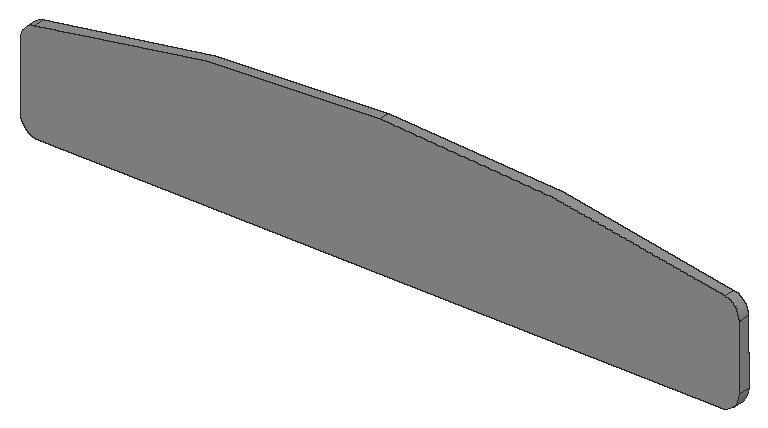
Revit family "Curved Screen", category Furniture, Revit 2019
Family settings
  OmniClass Number = 23.40.20.00
  OmniClass Title = General Furniture and Specialties
  Work Plane-Based = No
  Always vertical = Yes
  Cut with Voids When Loaded = No
  Shared = No
  Room Calculation Point = No
Parameters (values of type "1970 x 380 High Screen")
  Width = 1970 mm
  URL = "www.gof.co.uk"
  Screen = GABRIEL Byron_09101
  Range = "SCREENS"
  Product Data Specification = "https://gof.co.uk/wp-content/uploads/2018/03/Mirage-Lite-Product-Specfication-Sheets.pdf"
  Product Code = "ML2004-2"
  Product Brochure = ""
  Model = "MIRAGE LITE"
  Manufacturer = "Gresham Office Furniture"  # constant formula
  Assembly Code = "E2020200"
Types (8, lengths in mm): name | Width | Product Code
  (no name) | 1970 | "ML2004-2"
  1970 x 380 High Screen | 1970 | "ML2004-2"
  1770 x 380 High Screen | 1770 | "ML1804-2"
  1570 x 380 High Screen | 1570 | "ML1604-2"
  1370 x 380 High Screen | 1370 | "ML1404-2"
  1170 x 380 High Screen | 1170 | "ML1204-2"
  970 x 380 High Screen | 970 | "ML1004-2"
  770 x 380 High Screen | 770 | "ML0804-2"
Reference planes
  plane 1 "Center (Front/Back)": y = 0
  plane 2: z = 0
  plane 3 "Center (Left/Right)": x = 0
  plane 4: x = 985
  plane 5: x = -985
  plane 6: z = 727
  plane 7: z = 1107
  plane 8: x = -492.5
  plane 9: x = 492.5
Forms (mm)
  Extrusion 1, solid, material "GABRIEL Byron_09101" <- "Screen"
    sketch origin (0, 0.307, 20) x (1, 0, 0) y (0, 0, 1)
      loop
        arc (-985, 757.393) -> (-973.09, 724.717) -> (-942.947, 707.368) r 50.781
        line (-942.947, 707.368) -> (0.062, 707.368) -> (942.947, 707.368)
        arc (942.947, 707.368) -> (973.09, 724.717) -> (985, 757.393) r 50.781
        line (985, 757.393) -> (985, 935.358)
        arc (985, 935.358) -> (973.974, 966.679) -> (945.759, 984.187) r 50
        arc (945.759, 984.187) -> (475.673, 1061.292) -> (0, 1087) r 4389.297
        arc (0, 1087) -> (-475.673, 1061.292) -> (-945.759, 984.187) r 4389.297
        arc (-945.759, 984.187) -> (-973.974, 966.679) -> (-985, 935.358) r 50
        line (-985, 935.358) -> (-985, 757.393)
    from -14.693 to 15.307
Dimensions and locks
  "Width": plane 5 to plane 4
  equal spacing: plane 5, plane 3 "Center (Left/Right)", plane 4
  locked: plane 6 to level at 727
  equal spacing: Extrusion 1, plane 1 "Center (Front/Back)", Extrusion 1
  locked: Extrusion 1 to Extrusion 1 at 30
  locked: plane 7 to plane 6 at 380
  equal spacing: plane 3 "Center (Left/Right)", plane 8, plane 5
  equal spacing: plane 4, plane 9, plane 3 "Center (Left/Right)"
  locked: Extrusion 1 sketch curve to plane 6 at 380
  equal spacing: Extrusion 1 sketch curve, Extrusion 1 sketch curve, plane 3 "Center (Left/Right)"
  aligned and locked: level to plane 2
Automatic sketch dimensions
  Extrusion 1 sketch curve to plane 5 = 0 mm
  Extrusion 1 sketch curve to plane 4 = 0 mm
  plane 6 to Extrusion 1 sketch curve = 0.368 mm
  plane 5 to Extrusion 1 sketch curve = 42.053 mm
  Extrusion 1 sketch curve to Extrusion 1 sketch curve = 50 mm  (x2)
  plane 6 to Extrusion 1 sketch curve = 50.393 mm
  Extrusion 1 sketch curve to plane 3 "Center (Left/Right)" = 1.308 mm
  plane 3 "Center (Left/Right)" to Extrusion 1 sketch curve = 0.062 mm
  plane 3 "Center (Left/Right)" to Extrusion 1 sketch curve = 1.308 mm
  Extrusion 1 sketch curve to Extrusion 1 sketch curve = 50.781 mm
  Extrusion 1 sketch curve to plane 4 = 42.053 mm
  Extrusion 1 sketch curve to Extrusion 1 sketch curve = 0 mm  (x3)
  plane 7 to Extrusion 1 sketch curve = 151.642 mm  (x2)
  Extrusion 1 sketch curve to plane 3 "Center (Left/Right)" = 0 mm
